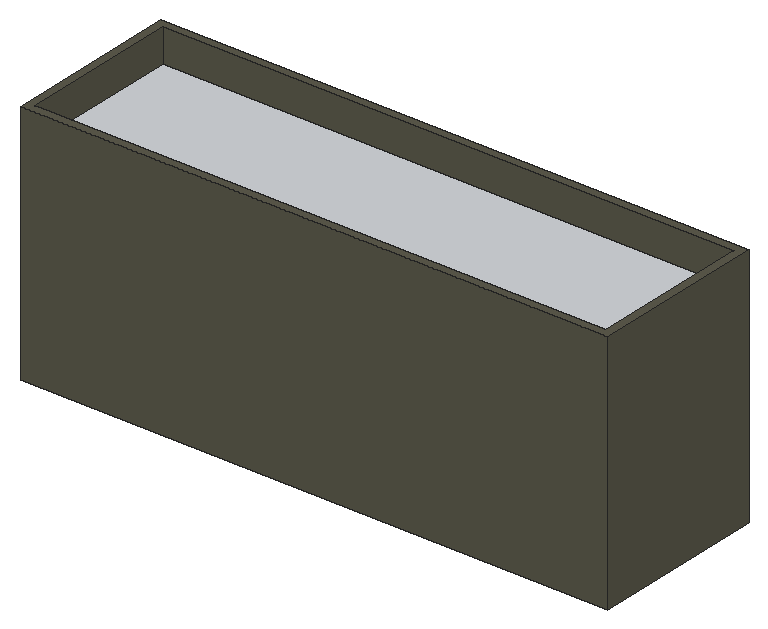
Revit family "Parametric_Planter_emtz", category Furniture, Revit 2025
Family settings
  Work Plane-Based = No
  Enable Cutting in Views = No
  Always vertical = Yes
  Cut with Voids When Loaded = No
  Render Appearance Source = Family Geometry
  Shared = No
  Room Calculation Point = No
Parameters
  Width [instance] = 6' - 0"
  Thickness = 0' - 1"
  Soil Material = none
  Plate Height = 0' - 4"
  Planter Material = Metal, Paint Finish, Brown, Matte
  Plant Offset = 0' - 9"
  Plant Height Offset = 0' - 0"  # constant formula
  Plant Gap Offset = 0' - 10"
  Number of Plant [instance] = (Width - (Thickness * 2 + Plant Offset * 2)) / Plant Gap Offset  # 5
  Length = 1' - 9.6"
  Height = 2' - 6"
  Earth Offset = 0' - 4"
  Default Elevation = 0' - 0"
Reference planes (in)
  plane 1 "Center (Front/Back)": y = 0
  plane 2: z = 0
  plane 3 "Center (Left/Right)": x = 0
  plane 4: x = 36
  plane 5: x = -36
  plane 6: y = 10.8
  plane 7: y = -10.8
  plane 8: y = 9.8
  plane 9: x = -35
  plane 10: y = -9.8
  plane 11: x = 35
  plane 12: z = 30
  plane 13: z = 4
  plane 14 "Earth": z = 26
  plane 15: x = -26
  plane 16: x = 26
Forms (in)
  Extrusion 1, solid, material "Metal, Paint Finish, Brown, Matte" <- "Planter Material"
    sketch origin (0, 0, 0) x (1, 0, 0) y (0, 1, 0)
      loop
        line (-36, 10.8) -> (-36, -10.8) -> (36, -10.8) -> (36, 10.8) -> (-36, 10.8)
      loop
        line (35, 9.8) -> (-35, 9.8) -> (-35, -9.8) -> (35, -9.8) -> (35, 9.8)
    from 4 to 30
  Extrusion 2, solid, material "Metal, Paint Finish, Brown, Matte" <- "Planter Material"
    sketch origin (0, 0, 0) x (1, 0, 0) y (0, 1, 0)
      loop
        line (-36, 10.8) -> (-36, -10.8) -> (36, -10.8) -> (36, 10.8) -> (-36, 10.8)
    from 0 to 4
  Extrusion 3, solid, material <- "Soil Material"
    sketch origin (0, 0, 0) x (1, 0, 0) y (0, 1, 0)
      loop
        line (-35, 9.8) -> (-35, -9.8) -> (35, -9.8) -> (35, 9.8) -> (-35, 9.8)
    from 4 to 26
Cuts and joins
  joined: Extrusion 1, Extrusion 2
Dimensions and locks (in)
  equal spacing: plane 5, plane 3 "Center (Left/Right)", plane 4
  "Width": plane 5 to plane 4
  "Thickness": plane 11 to plane 4
  "Thickness": plane 5 to plane 9
  plane 10 to plane 7 = 0' - 1"
  "Thickness": plane 6 to plane 8
  equal spacing: plane 6, plane 1 "Center (Front/Back)", plane 7
  "Length": plane 6 to plane 7
  "Height": plane 12 to plane 2
  "Plate Height": plane 13 to level
  "Earth Offset": plane 12 to plane 14 "Earth"
  "Plant Offset": plane 9 to plane 15
  "Plant Offset": plane 16 to plane 11
  aligned and locked: level to plane 2
  aligned and locked: plane 12 to Extrusion 1
  aligned and locked: Extrusion 1 to plane 13
  aligned and locked: Extrusion 2 to level
  aligned and locked: plane 13 to Extrusion 2
  aligned and locked: plane 14 "Earth" to Extrusion 3
  aligned and locked: Extrusion 3 to plane 13
Automatic sketch dimensions
  Extrusion 1 sketch curve to plane 5 = 0' - 0"
  Extrusion 1 sketch curve to plane 9 = 0' - 0"
  Extrusion 1 sketch curve to plane 10 = 0' - 0"
  Extrusion 1 sketch curve to plane 11 = 0' - 0"
  Extrusion 1 sketch curve to plane 4 = 0' - 0"
  Extrusion 1 sketch curve to plane 7 = 0' - 0"
  Extrusion 1 sketch curve to plane 8 = 0' - 0"
  Extrusion 1 sketch curve to plane 6 = 0' - 0"
  Extrusion 2 sketch curve to plane 5 = 0' - 0"
  Extrusion 2 sketch curve to plane 4 = 0' - 0"
  Extrusion 2 sketch curve to plane 7 = 0' - 0"
  Extrusion 2 sketch curve to plane 6 = 0' - 0"
  Extrusion 3 sketch curve to plane 9 = 0' - 0"
  Extrusion 3 sketch curve to plane 10 = 0' - 0"
  Extrusion 3 sketch curve to plane 11 = 0' - 0"
  Extrusion 3 sketch curve to plane 8 = 0' - 0"
